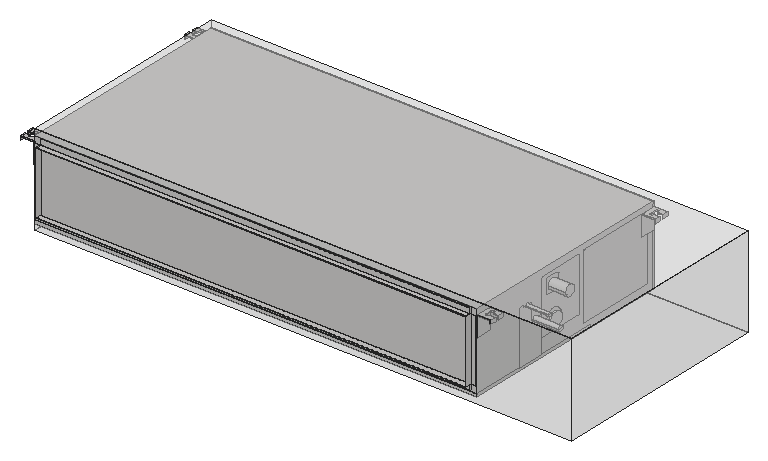
Revit family "outputfile", category 機械設備, Revit 2024
Family settings
  丸型コネクタ寸法 = 半径を使用
  パーツ タイプ = 標準
  OmniClass 番号 = 23.75.10.24.21.27.27
  OmniClass タイトル = Split System Air Conditioning Units
  作業面ベース = いいえ
  常に垂直 = はい
  ロード時にボイドで切り取り = いいえ
  注釈の向きを維持 = いいえ
  共有 = いいえ
  部屋計算ポイント = はい
Parameters (values of type "FPSQ80CV1")
  Description = ""
  書き出し IFC クラス(タイプ) = "IfcUnitaryEquipmentType"
  定義済み IFC タイプ(タイプ) = "AIRCONDITIONINGUNIT"
  Cost = 0
  Type Comments = ""
  Keynote = ""
  Type Image = (empty or 0)
  Assembly Code = ""
  w_RA Duct Size = if(Width = 1000.0 mm, 1000.0 mm, 1400.0 mm)  # 1400.0 mm
  r_HP/LP Gas Pipe Size = 4.75 mm
  lw_HP/LP Gas Pipe Size = 60.0 mm  # constant formula
  lh_HP/LP Gas Pipe Size = -103.0 mm
  ld_mountinghole = 24.0 mm  # constant formula
  ld_HP/LP Gas Pipe Size = 131.0 mm
  製造元 = "Daikin"
  モデル = "FPSQ80CV1"
  w_pipe = 33.0 mm
  r_Liquid Pipe Size = Liquid Pipe Size / 2  # 4.75 mm
  r_Gas Pipe Size = Gas Pipe Size / 2  # 7.95 mm
  r_Drain Pipe Size = Drain Pipe Size / 2  # 16.0 mm
  lw_powersupply = 49.5 mm
  lh_suctionflange [instance] = if(Rear Connection_Return Air, 125.0 mm + [h***], 190.0 mm + [h***])  # 125.0 mm
  ld_suctionflange [instance] = if(Rear Connection_Return Air, 190.0 mm, 126.5 mm)  # 190.0 mm
  ld_powersupply = 60.0 mm
  angle_vertical_RA [instance] = if(Rear Connection_Return Air, 90.00°, 0.00°)  # 90.00°
  angle horizontal_RA [instance] = if(Rear Connection_Return Air, 180.00°, 270.00°)  # 180.00°
  Voltage_comment_50Hz = "220 - 240"
  Voltage_50Hz = 230 V
  URL = ""
  Supply Air Direction [instance] = yes
  Sound Power Level_H speed (dB) = 0
  Rear Connection_Return Air [instance] = not(Bottom Connection_Return Air)  # yes
  RA_length = 190.0 mm  # constant formula
  Phase_50Hz = 1
  Minimum External Static Pressure = 50.00 Pa
  Minimum Circuit Amps_50Hz = 1.1 A
  Maximum Fuse Amps_50Hz = 16.0 A
  Maximum External Static Pressure = 100.00 Pa
  Material_Casing = DAIKIN_GalvanizedSteel_Casing_indoorunit
  lw_liquidpipe = 75.0 mm  # constant formula
  lw_gaspipe = 83.0 mm  # constant formula
  lw_mountinghole_pitch = Width + 45.0 mm  # 1445.0 mm
  lw_mountinghole = 20.0 mm  # constant formula
  lw_drainpipe = 58.0 mm  # constant formula
  lh_powersupply = 20.0 mm
  lh_liquidpipe = 175.0 mm
  lh_gaspipe = 124.0 mm
  lh_mountinghole = Height + [h***]  # 250.0 mm
  lh_drainpipe = 57.0 mm
  lh_antena = 1.0 mm  # constant formula
  ld_liquidpipe = 197.0 mm
  ld_gaspipe = 228.0 mm  # constant formula
  ld_mountinghole_pitch = 651.0 mm  # constant formula
  ld_drainpipe = 403.0 mm  # constant formula
  ld_controlbox = 626.0 mm  # constant formula
  h*** = 0.0 mm  # constant formula
  d_dischargeflange = 19.0 mm  # constant formula
  Width = 1400.0 mm
  Version = "ver.1.0"
  Unit Type = "Middle Static Ceiling Mounted Duct Type"
  Unit Mass Weight = 40.00 kg
  Unit Designation [instance] = ""
  Uniclass2015Version = "Products v1.30"
  Uniclass2015Title = "Variable refrigerant flow units"
  Uniclass2015Code = "Pr_70_65_03_94"
  Total Cooling Capacity [instance] = 0.000 kW
  Sound Pressure Level_M speed (dBA) = 32
  Sound Pressure Level_L speed (dBA) = 29
  Sound Pressure Level_H speed (dBA) = 35
  Series = "VRV HOME_Fan Coil Unit"
  Sensible Cooling Capacity [instance] = 0.000 kW
  SA Duct Size Width = 1360.0 mm
  SA Duct Size Height = 198.0 mm
  Refrigerant Type = "R410A"
  RA Duct Size Width = 1364.0 mm
  RA Duct Size Height [instance] = if(Rear Connection_Return Air, 214.0 mm, 217.0 mm)  # 214.0 mm
  Power Input (Cooling) = 0.194 kW
  Option Accessory 3 [instance] = ""
  Option Accessory 2 [instance] = ""
  Option Accessory 1 [instance] = ""
  Nominal Cooling Capacity = 9.000 kW
  Minimum Airflow = 930.00 m³/h
  Median Airflow = 1176.00 m³/h
  Maximum Airflow = 1428.00 m³/h
  Load Classification = HVAC
  Liquid Pipe Size = 9.5 mm
  Link_Nested Family [instance] = ""
  IfcVersion = ""
  IfcExportType = "AIRCONDITIONINGUNIT"
  IfcExportAs = "IfcUnitaryEquipmentType"
  Height = 250.0 mm
  Heat Exchanger Type = "Cross Fin Coil"
  Gas Pipe Size = 15.9 mm
  Frequency_50Hz = 50 Hz
  Fan Type = "Sirocco Fan"
  Fan Drive = "Direct Drive"
  FCU Tag No. [instance] = ""
  Drain Pipe Size = 32.0 mm
  Design Supply Airflow [instance] = 0.00 m³/h
  Design Return Airflow [instance] = 0.00 m³/h
  Design External Static Pressure [instance] = 0.00 Pa
  Depth = 700.0 mm
  既定の高さ = 0.0 mm
  Cooling Entering Wet Bulb Temperature [instance] = 0.00 °C
  Cooling Entering Dry Bulb Temperature [instance] = 0.00 °C
  Cooling Ambient Wet Bulb Temperature [instance] = 0.00 °C
  Cooling Ambient Dry Bulb Temperature [instance] = 0.00 °C
  Clearance visibility [instance] = yes
  Clearance Top = 20.0 mm
  Clearance Right = 300.0 mm
  Clearance Rear = 0.0 mm
  Clearance Left = 0.0 mm
  Clearance Front = 0.0 mm
  Clearance Bottom = 20.0 mm
  Bottom Connection_Return Air [instance] = no
Reference planes
  plane 1 "Center (Front/Back)": y = 0
  plane 2: z = 0
  plane 3 "Center (Left/Right)": x = 0
  plane 4 "Back": y = 350
  plane 5 "Front": y = -350
  plane 6 "Left": x = -700
  plane 7 "Right": x = 700
  plane 8 "Top": z = 0
  plane 9 "Bottom": z = -250
  plane 10: x = 325
  plane 11: x = -330
  plane 12: z = -230
  plane 13: z = -6
  plane 14: z = -72
  plane 15: z = -75
  plane 16: z = -126
  plane 17: x = -304
  plane 18: x = -722.5
  plane 19: x = 722.5
  plane 20: y = -326
  plane 21: y = 325
  plane 22: x = -742.5
  plane 23: x = 390
  plane 24: x = 775
  plane 25: x = 783
  plane 26: x = 758
  plane 27: z = 0
  plane 28 "Clearance Left": x = -700
  plane 29 "Clearance Right": x = 1000
  plane 30 "Clearance Rear": y = 350
  plane 31 "Clearance Front": y = -350
  plane 32 "Clearance Top": z = 20
  plane 33 "Clearance Bottom": z = -270
  plane 34: z = -14
  plane 35: z = -57
  plane 36: z = -146.5
  plane 37: x = 0
  plane 38: y = -122
  plane 39: y = -153
  plane 40: y = -30
  plane 41: y = -53
  plane 42: z = -119
  plane 43: y = -349
  plane 44: x = -699
  plane 45: z = -140
  plane 46: z = -80
  plane 47: y = 210
  plane 48: z = -249
  plane 49: y = 160
  plane 50: z = -151
  plane 51: x = 730
  plane 52: z = 11
  plane 53: z = 97.5
  plane 54: y = -219
Forms (mm)
  Extrusion 1, solid, material "DAIKIN_GalvanizedSteel_Casing_indoorunit" <- "Material_Casing"
    sketch origin (0, 0, 0) x (1, 0, 0) y (0, 1, 0)
      loop
        line (-700, -350) -> (700, -350) -> (700, 350) -> (-700, 350) -> (-700, -350)
    from -250 to 0
  Revolve 2, solid, material "DAIKIN_GalvanizedSteel_Casing_indoorunit" <- "Material_Casing"
    sketch origin (0, 0, -126) x (0, -1, 0) y (1, 0, 0)
      loop
        line (114.05, 700) -> (122, 700) -> (122, 783) -> (114.05, 783) -> (114.05, 700)
      axis (122, 700) -> (122, 783)
    angle from 0 to 360
  Revolve 3, solid, material "DAIKIN_GalvanizedSteel_Casing_indoorunit" <- "Material_Casing"
    sketch origin (0, 0, -75) x (0, -1, 0) y (1, 0, 0)
      loop
        line (153, 700) -> (153, 775) -> (148.25, 775) -> (148.25, 700) -> (153, 700)
      axis (153, 775) -> (153, 700)
    angle from 0 to 360
  Extrusion 4, solid, material "DAIKIN_GalvanizedSteel_Casing_indoorunit" <- "Material_Casing"
    sketch origin (700, 0, 33.75) x (0, 1, 0) y (0, 0, 1)
      loop
        circle (-53, -90.75) r 16
    from 0 to 58
  Extrusion 5, solid, material "DAIKIN_GalvanizedSteel_Casing_indoorunit" <- "Material_Casing"
    sketch origin (0, 0, 0) x (1, 0, 0) y (0, 0, 1)
      loop
        line (-700, -240) -> (-700, -250) -> (700, -250) -> (700, -240) -> (-700, -240)
    from -97 to 350
  Extrusion 6, solid, material "DAIKIN_GalvanizedSteel_Casing_indoorunit" <- "Material_Casing"
    sketch origin (700, 0, 0) x (0, 1, 0) y (0, 0, 1)
      loop
        circle (-49.014, -158.014) r 22.5
    from 11.3 to 0
  Extrusion 7, solid, material "DAIKIN_GalvanizedSteel_Casing_indoorunit" <- "Material_Casing"
    sketch origin (700, 0, 0) x (0, 1, 0) y (0, 0, 1)
      loop
        circle (-49.014, -158.014) r 30
    from 0 to 3
  Extrusion 8, solid, material "DAIKIN_GalvanizedSteel_Casing_indoorunit" <- "Material_Casing"
    sketch origin (700, 0, 0) x (0, 1, 0) y (0, 0, 1)
      loop
        arc (-94.014, -189.014) -> (-93.135, -191.135) -> (-91.014, -192.014) r 3
        line (-91.014, -192.014) -> (49.986, -192.014)
        arc (49.986, -192.014) -> (52.108, -191.135) -> (52.986, -189.014) r 3
        line (52.986, -189.014) -> (52.986, -25.014)
        arc (52.986, -25.014) -> (52.108, -22.892) -> (49.986, -22.014) r 3
        line (49.986, -22.014) -> (-91.014, -22.014)
        arc (-91.014, -22.014) -> (-93.135, -22.892) -> (-94.014, -25.014) r 3
        line (-94.014, -25.014) -> (-94.014, -189.014)
      loop
        line (-78.486, -40.478) -> (-78.486, -73.478)
        arc (-78.486, -73.478) -> (-75.855, -79.845) -> (-69.494, -82.486) r 9
        line (-69.494, -82.486) -> (-36.492, -82.486)
        arc (-36.492, -82.486) -> (-30.134, -79.848) -> (-27.486, -73.494) r 9.023
        line (-27.486, -73.494) -> (-27.486, -40.478)
        arc (-27.486, -40.478) -> (-30.122, -34.122) -> (-36.478, -31.486) r 9
        line (-36.478, -31.486) -> (-69.494, -31.486)
        arc (-69.494, -31.486) -> (-75.85, -34.122) -> (-78.486, -40.478) r 9
    from 0 to 1
  Extrusion 9, solid, material "DAIKIN_GalvanizedSteel_Casing_indoorunit" <- "Material_Casing"
    sketch origin (700, 0, 0) x (0, 1, 0) y (0, 0, 1)
      loop
        line (72.008, -16.198) -> (72.008, -225) -> (324.002, -225) -> (324.002, -83.198) -> (299.002, -83.198) -> (299.002, -16.198) -> (72.008, -16.198)
    from 0 to 1
  Extrusion 10, solid, material "DAIKIN_GalvanizedSteel_Casing_indoorunit"
    sketch origin (700, 0, 0) x (0, 1, 0) y (0, 0, 1)
      loop
        line (-96.045, -240) -> (-96.045, -126.163) -> (-136.045, -126.163) -> (-136.045, -75.163) -> (-166.999, -75.163) -> (-166.999, -70.163) -> (-181.045, -70.163) -> (-181.045, -240) -> (-96.045, -240)
    from 0 to 1
Dimensions and locks
  "lh_powersupply": plane 12 to plane 9 "Bottom"
  locked: plane 8 "Top" to plane 13 at 6
  "Height": plane 8 "Top" to plane 9 "Bottom"
  locked: plane 17 to plane 3 "Center (Left/Right)" at 304
  equal spacing: plane 18, plane 3 "Center (Left/Right)", plane 19
  "lw_mountinghole_pitch": plane 18 to plane 19
  locked: plane 14 to plane 9 "Bottom" at 178
  "lw_mountinghole": plane 22 to plane 18
  "lh_liquidpipe": plane 15 to plane 9 "Bottom"
  "lh_gaspipe": plane 16 to plane 9 "Bottom"
  "lh_mountinghole": plane 27 to plane 9 "Bottom"
  "ld_mountinghole_pitch": plane 21 to plane 20
  equal spacing: plane 6 "Left", plane 3 "Center (Left/Right)", plane 7 "Right"
  "Width": plane 6 "Left" to plane 7 "Right"
  "Clearance Right": plane 7 "Right" to plane 29 "Clearance Right"
  "Clearance Left": plane 28 "Clearance Left" to plane 6 "Left"
  "lw_gaspipe": plane 7 "Right" to plane 25
  "lw_liquidpipe": plane 7 "Right" to plane 24
  "lw_drainpipe": plane 7 "Right" to plane 26
  "Clearance Rear": plane 30 "Clearance Rear" to plane 4 "Back"
  "Clearance Front": plane 5 "Front" to plane 31 "Clearance Front"
  "Clearance Top": plane 32 "Clearance Top" to plane 8 "Top"
  "Clearance Bottom": plane 9 "Bottom" to plane 33 "Clearance Bottom"
  plane 8 "Top" to plane 34 = 14.0 mm
  "lh_drainpipe": plane 8 "Top" to plane 35
  locked: plane 36 to plane 9 "Bottom" at 103.5
  locked: plane 34 to plane 42 at 105
  "Depth": plane 4 "Back" to plane 5 "Front"
  equal spacing: plane 4 "Back", plane 1 "Center (Front/Back)", plane 5 "Front"
  locked: plane 43 to plane 5 "Front" at 1
  locked: plane 44 to plane 6 "Left" at 1
  locked: plane 12 to plane 45 at 90
  plane 47 to nested 13 = 122.0 mm
  locked: plane 48 to plane 9 "Bottom" at 1
  "ld_suctionflange": plane 4 "Back" to plane 49
  locked: plane 50 to plane 9 "Bottom" at 99
  locked: plane 51 to plane 7 "Right" at 30
  "r_Gas Pipe Size": Revolve 2 sketch curve to Revolve 2 sketch curve
  "ld_gaspipe": plane 38 to plane 5 "Front"
  "r_Liquid Pipe Size": Revolve 3 sketch curve to plane 39
  "ld_liquidpipe": plane 39 to plane 5 "Front"
  "ld_drainpipe": plane 4 "Back" to plane 41
  "ld_HP/LP Gas Pipe Size": plane 54 to plane 5 "Front"
  plane 8 "Top" to plane 15 = 75.0 mm
  "ld_mountinghole": plane 20 to plane 5 "Front"
  locked: plane 8 "Top" to nested 16 at 20
  equal spacing: plane 6 "Left", plane 37, plane 7 "Right"
  "ld_gaspipe": plane 5 "Front" to Revolve 2 sketch curve
  locked: plane 46 to plane 9 "Bottom" at 170
  "r_Drain Pipe Size": radius of Extrusion 4 sketch curve
  aligned and locked: level to plane 2
  aligned and locked: Extrusion 1 to plane 9 "Bottom"
  aligned and locked: plane 8 "Top" to Extrusion 1
  aligned and locked: Revolve 2 sketch curve to Revolve 2 sketch curve
  aligned and locked: nested 6 to plane 24
  aligned and locked: nested 6 to plane 15
  aligned and locked: nested 2 to plane 21
  aligned and locked: plane 19 to nested 2
  aligned and locked: plane 19 to nested 3
  aligned and locked: plane 18 to nested 4
  aligned and locked: plane 21 to nested 5
  aligned and locked: nested 5 to plane 21
  aligned and locked: plane 18 to nested 5
  aligned and locked: Extrusion 5 to plane 5 "Front"
  aligned and locked: Extrusion 5 to plane 9 "Bottom"
  aligned and locked: nested 7 to plane 16
  aligned and locked: plane 38 to nested 7
  aligned and locked: plane 39 to nested 6
  aligned and locked: Extrusion 4 sketch curve to plane 41
  aligned and locked: plane 4 "Back" to nested 12
  aligned and locked: plane 29 "Clearance Right" to nested 14
  aligned and locked: plane 28 "Clearance Left" to nested 14
  aligned and locked: nested 14 to plane 31 "Clearance Front"
  aligned and locked: nested 14 to plane 32 "Clearance Top"
  aligned and locked: nested 14 to plane 33 "Clearance Bottom"
  aligned and locked: nested 8 to plane 35
  aligned and locked: nested 10 to plane 1 "Center (Front/Back)"
  aligned and locked: plane 3 "Center (Left/Right)" to nested 10
  aligned and locked: plane 42 to nested 9
  aligned and locked: level to plane 8 "Top"
  aligned and locked: plane 3 "Center (Left/Right)" to nested 1
  aligned and locked: Extrusion 1 sketch curve to plane 5 "Front"
  aligned and locked: plane 3 "Center (Left/Right)" to nested 16
  aligned and locked: plane 5 "Front" to nested 16
  aligned and locked: nested 9 to plane 5 "Front"
  aligned and locked: plane 39 to Revolve 3 sketch curve  (x2)
  aligned and locked: plane 7 "Right" to nested 7
  aligned and locked: plane 7 "Right" to nested 8
  aligned and locked: plane 41 to nested 8
  aligned and locked: plane 1 "Center (Front/Back)" to nested 1
  aligned and locked: nested 4 to plane 20
  aligned and locked: nested 3 to plane 20
  aligned and locked: plane 37 to nested 15
  aligned and locked: nested 15 to plane 49
  aligned and locked: plane 7 "Right" to Revolve 3 sketch curve
  aligned and locked: plane 7 "Right" to Revolve 2 sketch curve
  aligned and locked: Revolve 2 sketch curve to nested 7
  aligned and locked: plane 8 "Top" to nested 12
  aligned and locked: plane 3 "Center (Left/Right)" to nested 12
  aligned and locked: plane 3 "Center (Left/Right)" to nested 13
  aligned and locked: plane 9 "Bottom" to nested 13
  aligned and locked: plane 30 "Clearance Rear" to nested 14
  aligned and locked: plane 4 "Back" to nested 13
  aligned and locked: plane 7 "Right" to nested 11
  aligned and locked: plane 26 to Extrusion 4
Automatic sketch dimensions
  Extrusion 1 sketch curve to plane 4 "Back" = 0.0 mm
  Extrusion 1 sketch curve to plane 6 "Left" = 0.0 mm
  Extrusion 1 sketch curve to plane 7 "Right" = 0.0 mm
  Revolve 2 sketch curve to plane 37 = 57.997 mm
  plane 24 to Revolve 2 sketch curve = 1.003 mm
  Revolve 3 sketch curve to plane 24 = 0.0 mm  (x2)
  Revolve 3 sketch curve to Revolve 3 sketch curve = 1.0 mm
  Extrusion 5 sketch curve to plane 6 "Left" = 0.0 mm
  Extrusion 5 sketch curve to plane 7 "Right" = 0.0 mm
  Extrusion 5 sketch curve to plane 9 "Bottom" = 0.0 mm
  Extrusion 5 sketch curve to plane 12 = 10.0 mm
  plane 35 to Extrusion 4 sketch curve = 0.0 mm
  plane 38 to Extrusion 6 sketch curve = 72.986 mm
  plane 12 to Extrusion 6 sketch curve = 71.986 mm
  plane 41 to Extrusion 7 sketch curve = 3.986 mm
  Extrusion 7 sketch curve to plane 50 = 7.014 mm
  plane 38 to Extrusion 8 sketch curve = 27.986 mm
  Extrusion 8 sketch curve to Extrusion 8 sketch curve = 3.0 mm  (x3)
  Extrusion 8 sketch curve to plane 14 = 1.478 mm
  Extrusion 8 sketch curve to plane 41 = 25.486 mm
  Extrusion 8 sketch curve to plane 46 = 2.486 mm
  Extrusion 8 sketch curve to Extrusion 8 sketch curve = 8.992 mm  (x2)
  Extrusion 8 sketch curve to plane 14 = 1.486 mm
  Extrusion 8 sketch curve to Extrusion 8 sketch curve = 9.0 mm
  Extrusion 8 sketch curve to plane 14 = 1.463 mm
  Extrusion 8 sketch curve to plane 40 = 6.509 mm
  Extrusion 8 sketch curve to plane 40 = 6.492 mm
  Extrusion 8 sketch curve to plane 40 = 6.486 mm
  Extrusion 8 sketch curve to plane 40 = 6.478 mm
  Extrusion 8 sketch curve to plane 14 = 1.494 mm
  Extrusion 8 sketch curve to plane 34 = 8.014 mm
  Extrusion 8 sketch curve to plane 1 "Center (Front/Back)" = 49.986 mm  (x2)
  Extrusion 8 sketch curve to plane 50 = 38.014 mm
  plane 35 to Extrusion 8 sketch curve = 16.514 mm
  Extrusion 8 sketch curve to Extrusion 8 sketch curve = 32.977 mm
  Extrusion 8 sketch curve to Extrusion 8 sketch curve = 0.008 mm
  Extrusion 9 sketch curve to plane 34 = 2.198 mm
  Extrusion 9 sketch curve to plane 1 "Center (Front/Back)" = 72.008 mm
  Extrusion 9 sketch curve to plane 46 = 3.198 mm
  Extrusion 9 sketch curve to plane 21 = 25.998 mm
  Extrusion 9 sketch curve to plane 21 = 0.998 mm  (x2)
  plane 12 to Extrusion 9 sketch curve = 5.0 mm
  plane 48 to Extrusion 10 sketch curve = 9.0 mm
  Extrusion 10 sketch curve to plane 39 = 28.045 mm
  Extrusion 10 sketch curve to plane 15 = 0.163 mm
  Extrusion 10 sketch curve to plane 39 = 13.999 mm
  Extrusion 10 sketch curve to plane 16 = 0.163 mm
  Extrusion 10 sketch curve to plane 38 = 14.045 mm
  plane 38 to Extrusion 10 sketch curve = 25.955 mm
  plane 14 to Extrusion 10 sketch curve = 1.837 mm
  radius of Extrusion 6 sketch curve = 22.5 mm
  radius of Extrusion 7 sketch curve = 30.0 mm
Nested families
  nested 1: "daikin_hangerfixture_FPSQ-CV1" at (0, 0, -15.5), type "daikin_hangerfixture_FPSQ-CV1"
    with width 1400.0 mm
  nested 2: "daikin_mountinghole" at (722.5, 325, -265.5), l_antenna <- "lh_antena", Link_Nested Family <- "Link_Nested Family", h_mountinghole <- "lh_mountinghole", type "daikin_mountinghole"
    with show yes, l_antenna 1.0 mm, h_mountinghole 250.0 mm, Link_Nested Family ""
  nested 3: "daikin_mountinghole" at (722.5, -326, -265.5), Link_Nested Family <- "Link_Nested Family", l_antenna <- "lh_antena", h_mountinghole <- "lh_mountinghole", type "daikin_mountinghole"
    with show yes, l_antenna 1.0 mm, h_mountinghole 250.0 mm, Link_Nested Family ""
  nested 4: "daikin_mountinghole" at (-722.5, -326, -265.5), l_antenna <- "lh_antena", Link_Nested Family <- "Link_Nested Family", h_mountinghole <- "lh_mountinghole", type "daikin_mountinghole"
    with show yes, l_antenna 1.0 mm, h_mountinghole 250.0 mm, Link_Nested Family ""
  nested 5: "daikin_mountinghole" at (-722.5, 325, -265.5), l_antenna <- "lh_antena", Link_Nested Family <- "Link_Nested Family", h_mountinghole <- "lh_mountinghole", type "daikin_mountinghole"
    with show yes, l_antenna 1.0 mm, h_mountinghole 250.0 mm, Link_Nested Family ""
  nested 6: "daikin_connector_rotate2" at (700, -153, -75) x (0, 1, 0) z (0, 0, 1), length <- "lw_liquidpipe", built-in parameter 1001364 <- "lh_liquidpipe", radius <- "r_Liquid Pipe Size", type "daikin_connector_rotate2"
    with radius 4.75 mm, length 75.0 mm, angle_vertical 90.00°
  nested 7: "daikin_connector_rotate2" at (700, -122, -126) x (0, 1, 0) z (0, 0, 1), length <- "lw_gaspipe", built-in parameter 1001364 <- "lh_gaspipe", radius <- "r_Gas Pipe Size", type "daikin_connector_rotate2"
    with radius 7.95 mm, length 83.0 mm, angle_vertical 90.00°
  nested 8: "daikin_connector_rotate2" at (700, -53, -57) x (0, 1, 0) z (0, 0, 1), built-in parameter 1001364 <- "lh_drainpipe", radius <- "r_Drain Pipe Size", length <- "lw_drainpipe", type "daikin_connector_rotate2"
    with radius 16.0 mm, length 58.0 mm, angle_vertical 90.00°
  nested 9: "daikin_connector_rotate2" at (0, -350, -119), length <- "d_dischargeflange", type "daikin_connector_rotate2"
    with radius 10.0 mm, length 19.0 mm, angle_vertical 90.00°
  nested 10: "daikin_△_symbolicline" at (-75, -129.904, 250) x (-0.5, 0.866, 0) z (0, 0, 1), built-in parameter 1001364 <- "Height", visible <- "Supply Air Direction", type "daikin_△_symbolicline"
    with length 300.0 mm
  nested 11: "daikin_connector_rotate2" at (640, 273.008, -220) x (0, 1, 0) z (0, 0, 1), type "daikin_connector_rotate2"
    with radius 10.0 mm, length 60.0 mm, angle_vertical 90.00°
  nested 12: "daikin_ductflange_FPSQ-CV1_2" at (0, 350, -125), material <- "Material_Casing", visible <- "Rear Connection_Return Air", width <- "w_RA Duct Size", type "daikin_ductflange_FPSQ-CV1_2"
    with width 1400.0 mm, material DAIKIN_GalvanizedSteel_Casing_indoorunit, height 214.0 mm, depth 21.2 mm
  nested 13: "daikin_ductflange_FPSQ-CV1_2" at (0, 225, -250) x (1, 0, 0) z (0, 1, 0), material <- "Material_Casing", visible <- "Bottom Connection_Return Air", width <- "w_RA Duct Size", height <- "RA Duct Size Height", type "daikin_ductflange_FPSQ-CV1_2"
    with width 1400.0 mm, material DAIKIN_GalvanizedSteel_Casing_indoorunit, height 214.0 mm, depth 21.0 mm
  nested 14: "daikin_clearancespace" at (150, 0, -124.881), visible <- "Clearance visibility", show <- "Clearance visibility", Link_Nested Family <- "Link_Nested Family", type "daikin_clearancespace"
    with width 1700.0 mm, show yes, height 290.0 mm, depth 700.0 mm, Link_Nested Family ""
  nested 15: "daikin_connector_rotate3" at (0, 160, -125), built-in parameter 1001364 <- "lh_suctionflange", angle_vertical <- "angle_vertical_RA", angle_horizontal <- "angle horizontal_RA", length <- "RA_length", type "daikin_connector_rotate3"
    with show no, radius 10.0 mm, length 190.0 mm, angle_vertical 90.00°, angle_horizontal 180.00°
  nested 16: "daikin_ductflange_FPSQ-CV1_1" at (0, -36.5, -408.201), width <- "SA Duct Size Width", type "daikin_ductflange_FPSQ-CV1_1"
    with width 1360.0 mm, material DAIKIN_GalvanizedSteel_Casing_indoorunit, height 200.0 mm, depth 19.0 mm
Connectors
  piping at (783, -122, -126), diameter 15.9, driven by "r_Gas Pipe Size"
    settings: on nested 7, index 1, connector inside diameter 609.6 mm, connector length 0.0 mm, flow factor 0, pipe flow 0.00 m³/h, pressure drop 0.0 Pa, fitting loss kfactor 0, connector angle 0.00°, fixture units 0, engagement length 0.0 mm, angle of deflection 0.00°, flow configuration 1, flow direction 2, fitting loss method 0, system type 29, joint type 0, gender type 0, connector reference index -1, connector utility 0, adjustable connector no, is connector primary yes, connector description "Refrigerant Gas Piping"
  piping at (775, -153, -75), diameter 9.5, driven by "r_Liquid Pipe Size"
    settings: on nested 6, index 2, connector inside diameter 609.6 mm, connector length 0.0 mm, flow factor 0, pipe flow 0.00 m³/h, pressure drop 0.0 Pa, fitting loss kfactor 0, connector angle 0.00°, fixture units 0, engagement length 0.0 mm, angle of deflection 0.00°, flow configuration 1, flow direction 1, fitting loss method 0, system type 29, joint type 0, gender type 0, connector reference index -1, connector utility 0, adjustable connector no, is connector primary no, connector description "Refrigerant Liquid Piping"
  piping at (758, -53, -57), diameter 32, driven by "r_Drain Pipe Size"
    settings: on nested 8, index 3, connector inside diameter 609.6 mm, connector length 0.0 mm, flow factor 0, pipe flow 0.00 m³/h, pressure drop 0.0 Pa, fitting loss kfactor 0, connector angle 0.00°, fixture units 0, engagement length 0.0 mm, angle of deflection 0.00°, flow configuration 1, flow direction 2, fitting loss method 4, system type 16, joint type 0, gender type 0, connector reference index -1, connector utility 0, adjustable connector no, is connector primary no, connector description "Condensate Drain Piping"
  electrical at (700, 273.008, -220), driven by "Load Classification"
    settings: on nested 11, index 9, voltage 0 V, apparent load 0 VA, apparent load phase1 0 VA, apparent load phase2 0 VA, apparent load phase3 0 VA, power factor 1, load classification "HVAC", number of poles 1, system type 30, power factor state 1, is connector primary yes, connector utility no, sub classification motor no, connector description "Power Supply"
  hvac at (0, -369, -119), driven by "SA Duct Size Height", driven by "SA Duct Size Width"
    settings: on nested 9, index 11, duct flow 0.00 m³/h, flow factor 0, pres drop 0.00 Pa, loss coef 0, conn angle 0.00°, conn width 1360.0 mm, conn height 198.0 mm, conn diameter 609.6 mm, duct sys type 1, conn prof type 1, flow config 0, flow direction 2, loss method 4, conn ref index -1, conn util no, is conn primary yes, conn desc "SA Duct"
  hvac at (0, 350, -125), driven by "RA Duct Size Height", driven by "RA Duct Size Width"
    settings: on nested 15, index 12, duct flow 0.00 m³/h, flow factor 0, pres drop 0.00 Pa, loss coef 0, conn angle 0.00°, conn width 1364.0 mm, conn height 214.0 mm, conn diameter 609.6 mm, duct sys type 2, conn prof type 1, flow config 0, flow direction 1, loss method 4, conn ref index -1, conn util no, is conn primary no, conn desc "RA Duct"
  piping at (783, -122, -126), diameter 15.9, driven by "r_Gas Pipe Size"
    settings: on nested 7, index 13, connector inside diameter 609.6 mm, connector length 0.0 mm, flow factor 0, pipe flow 0.00 m³/h, pressure drop 0.0 Pa, fitting loss kfactor 0, connector angle 0.00°, fixture units 0, engagement length 0.0 mm, angle of deflection 0.00°, flow configuration 1, flow direction 2, fitting loss method 0, system type 29, joint type 0, gender type 0, connector reference index -1, connector utility 0, adjustable connector no, is connector primary no, connector description "Refrigerant Gas Piping"
Definition of nested family "daikin_hangerfixture_FPSQ-CV1"
  Parameters (values of type "daikin_hangerfixture_FPSQ-CV1")
    width = 1000.0 mm
    material = none
    height = 65.0 mm
    depth = 699.0 mm
    Default Elevation = 0.0 mm
  Reference planes
    plane 1 "Center (Front/Back)": y = 0
    plane 2: z = 0
    plane 3 "Center (Left/Right)": x = 0
    plane 4: x = 500
    plane 5: y = 349
    plane 6: y = -350
    plane 7: x = -500
  Forms (mm)
    Extrusion 1, solid, material <- "material"
      sketch origin (0, 0, 0) x (-1, 0, 0) y (0, 0, -1)
        loop
          line (500, 0) -> (545, 0) -> (545, 11.998) -> (542.7, 11.998) -> (542.7, 2.298) -> (502.108, 2.298) -> (502.108, 64.997) -> (500, 64.997) -> (500, 0)
      from -349 to 350
    Extrusion 2, void
      sketch origin (0, 0, 0) x (1, 0, 0) y (0, 1, 0)
        loop
          line (-545, 301) -> (-545, -302) -> (-500, -302) -> (-500, 301) -> (-545, 301)
        loop
          line (-545, -319.499) -> (-545, -332.501) -> (-529.997, -332.501)
          arc (-529.997, -332.501) -> (-529.291, -332.793) -> (-528.998, -333.5) r 0.998
          line (-528.998, -333.5) -> (-528.998, -335)
          arc (-528.998, -335) -> (-522.999, -340.999) -> (-517, -335) r 5.999
          line (-517, -335) -> (-517, -317)
          arc (-517, -317) -> (-522.999, -311.001) -> (-528.998, -317) r 5.999
          line (-528.998, -317) -> (-528.998, -318.5)
          arc (-528.998, -318.5) -> (-529.291, -319.207) -> (-529.997, -319.499) r 0.998
          line (-529.997, -319.499) -> (-545, -319.499)
        loop
          line (-545, 331.502) -> (-545, 318.5) -> (-529.997, 318.5)
          arc (-529.997, 318.5) -> (-529.291, 318.208) -> (-528.998, 317.501) r 0.998
          line (-528.998, 317.501) -> (-528.998, 316.001)
          arc (-528.998, 316.001) -> (-522.999, 310.002) -> (-517, 316.001) r 5.999
          line (-517, 316.001) -> (-517, 334.001)
          arc (-517, 334.001) -> (-522.999, 340) -> (-528.998, 334.001) r 5.999
          line (-528.998, 334.001) -> (-528.998, 332.5)
          arc (-528.998, 332.5) -> (-529.291, 331.794) -> (-529.997, 331.502) r 0.998
          line (-529.997, 331.502) -> (-545, 331.502)
      from 0 to -80
    Extrusion 3, solid, material <- "material"
      sketch origin (0, 0, 0) x (1, 0, 0) y (0, 0, 1)
        loop
          line (500, 0) -> (500, -64.997) -> (502.108, -64.997) -> (502.108, -2.298) -> (542.7, -2.298) -> (542.7, -11.998) -> (545, -11.998) -> (545, 0) -> (500, 0)
      from -349 to 350
    Extrusion 4, void
      sketch origin (0, 0, 0) x (-1, 0, 0) y (0, -1, 0)
        loop
          line (-545, -301) -> (-500, -301) -> (-500, 302) -> (-545, 302) -> (-545, -301)
        loop
          line (-517, 317) -> (-517, 335)
          arc (-517, 335) -> (-522.999, 340.999) -> (-528.998, 335) r 5.999
          line (-528.998, 335) -> (-528.998, 333.5)
          arc (-528.998, 333.5) -> (-529.291, 332.793) -> (-529.997, 332.501) r 0.998
          line (-529.997, 332.501) -> (-545, 332.501) -> (-545, 319.499) -> (-529.997, 319.499)
          arc (-529.997, 319.499) -> (-529.291, 319.207) -> (-528.998, 318.5) r 0.998
          line (-528.998, 318.5) -> (-528.998, 317)
          arc (-528.998, 317) -> (-522.999, 311.001) -> (-517, 317) r 5.999
        loop
          line (-545, -331.502) -> (-529.997, -331.502)
          arc (-529.997, -331.502) -> (-529.291, -331.794) -> (-528.998, -332.5) r 0.998
          line (-528.998, -332.5) -> (-528.998, -334.001)
          arc (-528.998, -334.001) -> (-522.999, -340) -> (-517, -334.001) r 5.999
          line (-517, -334.001) -> (-517, -316.001)
          arc (-517, -316.001) -> (-522.999, -310.002) -> (-528.998, -316.001) r 5.999
          line (-528.998, -316.001) -> (-528.998, -317.501)
          arc (-528.998, -317.501) -> (-529.291, -318.208) -> (-529.997, -318.5) r 0.998
          line (-529.997, -318.5) -> (-545, -318.5) -> (-545, -331.502)
      from 0 to -80
  Cuts and joins
    Extrusion 2, Extrusion 4 cuts Extrusion 1
    Extrusion 4 cuts Extrusion 3
  Dimensions and locks
    plane 5 to plane 1 "Center (Front/Back)" to plane 6 = 349.0 mm, 350.0 mm
    "depth": plane 5 to plane 6
    plane 6 to plane 1 "Center (Front/Back)" to plane 5 = 350.0 mm, 349.0 mm
    equal spacing: plane 7, plane 3 "Center (Left/Right)", plane 4
    "width": plane 7 to plane 4
    plane 7 to Extrusion 1 sketch curve = 2.108 mm
    level to Extrusion 1 sketch curve = 11.998 mm
    plane 7 to Extrusion 1 sketch curve = 45.0 mm
    Extrusion 1 sketch curve to Extrusion 1 sketch curve = 2.3 mm
    plane 2 to Extrusion 1 sketch curve = 64.997 mm
    Extrusion 3 sketch curve to Extrusion 3 sketch curve = 2.3 mm
    aligned and locked: level to plane 2
    aligned and locked: Extrusion 1 sketch curve to plane 7
    aligned and locked: plane 2 to Extrusion 1 sketch curve
    aligned and locked: plane 5 to Extrusion 1
    aligned and locked: plane 6 to Extrusion 1
  Automatic sketch dimensions
    Extrusion 1 sketch curve to level = 2.298 mm
    Extrusion 2 sketch curve to plane 7 = 0.0 mm
    Extrusion 2 sketch curve to plane 7 = 17.0 mm  (x2)
    Extrusion 2 sketch curve to Extrusion 2 sketch curve = 5.999 mm  (x4)
    Extrusion 2 sketch curve to Extrusion 2 sketch curve = 0.998 mm  (x4)
    Extrusion 2 sketch curve to Extrusion 2 sketch curve = 15.003 mm  (x2)
    Extrusion 2 sketch curve to Extrusion 2 sketch curve = 0.0 mm
    plane 6 to Extrusion 2 sketch curve = 15.0 mm
    Extrusion 2 sketch curve to Extrusion 2 sketch curve = 1.5 mm  (x4)
    Extrusion 2 sketch curve to Extrusion 2 sketch curve = 13.002 mm  (x2)
    Extrusion 2 sketch curve to Extrusion 2 sketch curve = 15.0 mm
    Extrusion 2 sketch curve to plane 5 = 48.0 mm
    Extrusion 2 sketch curve to Extrusion 2 sketch curve = 15.001 mm
    Extrusion 3 sketch curve to level = 0.0 mm
    Extrusion 3 sketch curve to plane 4 = 0.0 mm
    plane 4 to Extrusion 3 sketch curve = 2.108 mm
    Extrusion 3 sketch curve to level = 2.298 mm
    Extrusion 3 sketch curve to Extrusion 3 sketch curve = 40.592 mm
    Extrusion 3 sketch curve to Extrusion 3 sketch curve = 9.7 mm
    Extrusion 3 sketch curve to Extrusion 3 sketch curve = 62.7 mm
    Extrusion 4 sketch curve to plane 4 = 0.0 mm
    plane 4 to Extrusion 4 sketch curve = 17.0 mm  (x2)
    Extrusion 4 sketch curve to Extrusion 4 sketch curve = 5.999 mm  (x3)
    Extrusion 4 sketch curve to Extrusion 4 sketch curve = 0.998 mm  (x4)
    Extrusion 4 sketch curve to Extrusion 4 sketch curve = 15.003 mm  (x2)
    Extrusion 4 sketch curve to plane 5 = 14.999 mm
    Extrusion 4 sketch curve to Extrusion 4 sketch curve = 1.5 mm  (x4)
    Extrusion 4 sketch curve to Extrusion 4 sketch curve = 13.002 mm  (x2)
    Extrusion 4 sketch curve to Extrusion 4 sketch curve = 17.5 mm
    plane 6 to Extrusion 4 sketch curve = 48.0 mm
    Extrusion 4 sketch curve to Extrusion 4 sketch curve = 0.0 mm
    Extrusion 4 sketch curve to Extrusion 4 sketch curve = 12.997 mm
    Extrusion 4 sketch curve to Extrusion 4 sketch curve = 15.0 mm
Definition of nested family "daikin_ductflange_FPSQ-CV1_2"
  Parameters (values of type "daikin_ductflange_FPSQ-CV1_2")
    width [instance] = 620.0 mm
    material [instance] = none
    height [instance] = 214.0 mm
    depth [instance] = 21.2 mm
    Default Elevation = 0.0 mm
  Reference planes
    plane 1 "Center (Front/Back)": y = 0
    plane 2: z = 0
    plane 3 "Center (Left/Right)": x = 0
    plane 4: y = -313.5
    plane 5: y = -334.7
    plane 6: x = -310
    plane 7: x = 310
    plane 8: z = 107
    plane 9: z = -107
    plane 10: z = 125
    plane 11: z = -125
    plane 12: x = -309
    plane 13: x = 309
  Forms (mm)
    Extrusion 1, solid, material <- "material"
      sketch origin (0, 0, 0) x (1, 0, 0) y (0, 0, 1)
        loop
          line (-292, 107) -> (-292, -107) -> (292, -107) -> (292, 107) -> (-292, 107)
        loop
          line (-310, -125) -> (310, -125) -> (310, 125) -> (-310, 125) -> (-310, -125)
      from 0 to 1
  Dimensions and locks
    plane 4 to plane 1 "Center (Front/Back)" = 313.5 mm
    "depth": plane 5 to plane 4
    equal spacing: plane 7, plane 3 "Center (Left/Right)", plane 6, locked at 310 each
    "width": plane 7 to plane 6
    equal spacing: plane 8, level, plane 9
    "height": plane 8 to plane 9
    plane 12 to plane 6 = 1.0 mm
    locked: plane 7 to plane 13 at 1
    locked: Extrusion 1 sketch curve to plane 6 at 18
    locked: plane 7 to Extrusion 1 sketch curve at 18
    locked: plane 10 to plane 8 at 18
    locked: plane 9 to plane 11 at 18
    aligned and locked: level to plane 2
    aligned and locked: plane 8 to Extrusion 1
    aligned and locked: plane 9 to Extrusion 1
    aligned and locked: Extrusion 1 sketch curve to plane 10
    aligned and locked: plane 6 to Extrusion 1 sketch curve
    aligned and locked: plane 7 to Extrusion 1 sketch curve
    aligned and locked: Extrusion 1 sketch curve to plane 11
    aligned and locked: plane 9 to Extrusion 1 sketch curve
    aligned and locked: Extrusion 1 sketch curve to plane 8
Definition of nested family "daikin_clearancespace"
  Parameters (values of type "daikin_clearancespace")
    Description = "daikin_clearancespace"
    width [instance] = 1823.963 mm
    show [instance] = yes
    material = none
    height [instance] = 1359.762 mm
    depth [instance] = 880.0 mm
    Default Elevation = 0.0 mm
    Link_Nested Family [instance] = ""
  Reference planes
    plane 1 "Center (Front/Back)": y = 0
    plane 2 "Center (Elevation)": z = -0.119
    plane 3 "Center (Left/Right)": x = 0
    plane 4: y = 440
    plane 5: y = -440
    plane 6 "Right": x = 911.982
    plane 7 "Left": x = -911.982
    plane 8 "Top": z = 679.762
    plane 9 "Bottom": z = -680
  Forms (mm)
    Extrusion 1, solid, material <- "material", visible <- "show"
      sketch origin (0, 0, 0) x (1, 0, 0) y (0, 1, 0)
        loop
          line (-911.982, 440) -> (-911.982, -440) -> (911.982, -440) -> (911.982, 440) -> (-911.982, 440)
      from -680 to 679.762
  Lines and regions (mm)
    symbolic lines, visible <- "show"
      curve 1: line (911.982, 440, 0) -> (-911.982, 440, 0)
      curve 2: line (-911.982, 440, 0) -> (-911.982, -440, 0)
      curve 3: line (-911.982, -440, 0) -> (911.982, -440, 0)
      curve 4: line (911.982, -440, 0) -> (911.982, 440, 0)
      curve 5: line (911.982, 0, 679.762) -> (-911.982, 0, 679.762)
      curve 6: line (911.982, 0, -680) -> (911.982, 0, 679.762)
      curve 7: line (-911.982, 0, -680) -> (911.982, 0, -680)
      curve 8: line (-911.982, 0, 679.762) -> (-911.982, 0, -680)
      curve 9: line (0, 440, 679.762) -> (0, -440, 679.762)
      curve 10: line (0, -440, 679.762) -> (0, -440, -680)
      curve 11: line (0, 440, -680) -> (0, 440, 679.762)
      curve 12: line (0, -440, -680) -> (0, 440, -680)
  Dimensions and locks
    "width": plane 7 "Left" to plane 6 "Right"
    "depth": plane 4 to plane 5
    "height": plane 8 "Top" to plane 9 "Bottom"
    equal spacing: plane 7 "Left", plane 3 "Center (Left/Right)", plane 6 "Right"
    equal spacing: plane 4, plane 1 "Center (Front/Back)", plane 5
    equal spacing: plane 8 "Top", plane 2 "Center (Elevation)", plane 9 "Bottom"
    aligned and locked: level to plane 2 "Center (Elevation)"
    aligned and locked: Extrusion 1 sketch curve to plane 4
    aligned and locked: plane 7 "Left" to Extrusion 1 sketch curve
    aligned and locked: Extrusion 1 sketch curve to plane 5
    aligned and locked: Extrusion 1 sketch curve to plane 6 "Right"
    aligned and locked: plane 8 "Top" to Extrusion 1
    aligned and locked: curve 1 to Extrusion 1
    aligned and locked: curve 2 to Extrusion 1
    aligned and locked: curve 3 to Extrusion 1
    aligned and locked: curve 4 to Extrusion 1
    aligned and locked: curve 5 to Extrusion 1
    aligned and locked: curve 6 to Extrusion 1
    aligned and locked: curve 7 to Extrusion 1
    aligned and locked: curve 8 to Extrusion 1
    aligned and locked: curve 9 to Extrusion 1
    aligned and locked: curve 10 to Extrusion 1
    aligned and locked: curve 11 to Extrusion 1
    aligned and locked: curve 12 to Extrusion 1
    aligned and locked: Extrusion 1 to plane 9 "Bottom"
Definition of nested family "daikin_ductflange_FPSQ-CV1_1"
  Parameters (values of type "daikin_ductflange_FPDQ-APV1_1")
    width [instance] = 660.0 mm
    material [instance] = none
    height [instance] = 155.0 mm
    depth [instance] = 19.0 mm
    Default Elevation = 0.0 mm
  Reference planes
    plane 1 "Center (Front/Back)": y = 0
    plane 2: z = 189.201
    plane 3 "Center (Left/Right)": x = 0
    plane 4: y = -313.5
    plane 5: x = -330
    plane 6: x = 330
    plane 7: y = -332.5
    plane 8: z = 344.201
    plane 9: z = 266.701
    plane 10: z = 343.201
    plane 11: z = 190.201
  Forms (mm)
    Extrusion 1, solid, material <- "material"
      sketch origin (0, 0, 189.201) x (1, 0, 0) y (0, 1, 0)
        loop
          line (-330, -332.5) -> (-330, -313.5) -> (-348.2, -313.5) -> (-348.2, -314.5) -> (-331, -314.5) -> (-331, -332.5) -> (-330, -332.5)
        loop
          line (330, -332.5) -> (331, -332.5) -> (331, -314.5) -> (348.2, -314.5) -> (348.2, -313.5) -> (330, -313.5) -> (330, -332.5)
      from 1 to 154
    Extrusion 2, solid, material <- "material"
      sketch origin (0, 0, 0) x (0, 1, 0) y (0, 0, 1)
        loop
          line (-313.5, 343.201) -> (-313.5, 361.201) -> (-314.5, 361.201) -> (-314.5, 344.201) -> (-332.5, 344.201) -> (-332.5, 343.201) -> (-313.5, 343.201)
        loop
          line (-313.5, 190.201) -> (-332.5, 190.201) -> (-332.5, 189.201) -> (-314.5, 189.201) -> (-314.5, 172.201) -> (-313.5, 172.201) -> (-313.5, 190.201)
      from -330 to 330
  Dimensions and locks
    plane 4 to plane 1 "Center (Front/Back)" = 313.5 mm
    "depth": plane 7 to plane 4
    equal spacing: plane 8, plane 9, level
    "height": plane 8 to level
    equal spacing: plane 6, plane 3 "Center (Left/Right)", plane 5
    "width": plane 6 to plane 5
    locked: plane 8 to plane 10 at 1
    locked: plane 11 to level at 1
    locked: Extrusion 1 to Extrusion 2 sketch curve at 1
    locked: Extrusion 2 sketch curve to Extrusion 1 at 1
    locked: Extrusion 1 sketch curve to Extrusion 1 sketch curve at 1  (x2)
    Extrusion 1 sketch curve to plane 5 = 18.2 mm
    plane 6 to Extrusion 1 sketch curve = 18.2 mm
    aligned and locked: level to plane 2
    aligned and locked: plane 4 to Extrusion 1  (x2)
    aligned and locked: plane 5 to Extrusion 1
    aligned and locked: Extrusion 1 to plane 7  (x2)
    aligned and locked: Extrusion 1 to plane 6
    aligned and locked: Extrusion 1 to plane 10
    aligned and locked: Extrusion 1 to plane 11
    aligned and locked: plane 10 to Extrusion 1
    aligned and locked: plane 11 to Extrusion 1
    aligned and locked: Extrusion 2 to plane 5
    aligned and locked: plane 5 to Extrusion 2
    aligned and locked: plane 6 to Extrusion 2
    aligned and locked: Extrusion 2 to plane 6
    aligned and locked: Extrusion 2 to plane 11
    aligned and locked: Extrusion 2 to plane 10
  Automatic sketch dimensions
    Extrusion 1 sketch curve to plane 4 = 0.0 mm  (x2)
    Extrusion 1 sketch curve to plane 7 = 0.0 mm  (x2)
    Extrusion 1 sketch curve to plane 5 = 0.0 mm
    Extrusion 1 sketch curve to plane 5 = 1.0 mm
    plane 6 to Extrusion 1 sketch curve = 1.0 mm
    Extrusion 2 sketch curve to plane 7 = 0.0 mm  (x2)
    Extrusion 2 sketch curve to plane 4 = 0.0 mm  (x2)
    Extrusion 2 sketch curve to plane 11 = 0.0 mm
    Extrusion 2 sketch curve to plane 10 = 0.0 mm
    Extrusion 2 sketch curve to plane 4 = 1.0 mm  (x2)
    Extrusion 2 sketch curve to level = 17.0 mm
    plane 8 to Extrusion 2 sketch curve = 17.0 mm
    Extrusion 1 sketch curve to plane 6 = 0.0 mm
Definition of nested family "daikin_mountinghole"
  Parameters (values of type "daikin_mountinghole")
    Default Elevation = 1219.2 mm
    Type Comments = "mountinghole"
    show [instance] = yes
    material = none
    l_centerline = 100.0 mm
    l_antenna [instance] = 100.0 mm
    h_mountinghole [instance] = 0.0 mm
    d_circle = 30.0 mm
    Link_Nested Family [instance] = ""
  Reference planes
    plane 1 "Center (Front/Back)": y = 0
    plane 2: z = 0
    plane 3 "Center (Left/Right)": x = 0
    plane 4: y = 50
    plane 5: x = -50
    plane 6: x = 50
    plane 7: y = -50
    plane 8 "h_mountinghole": z = 0
    plane 9: z = 100
  Lines and regions (mm)
    model lines, detail levels fine
      curve 1: circle (0, 0, 0) r 15 normal (0, 0, 1)
      curve 2: line (-50, 0, 0) -> (50, 0, 0)
      curve 3: line (0, 50, 0) -> (0, -50, 0)
    symbolic lines, detail levels fine
      curve 4: circle (0, 0, 0) r 15 normal (0, 0, 1)
      curve 5: line (-50, 0, 0) -> (50, 0, 0)
      curve 6: line (0, 50, 0) -> (0, -50, 0)
    model lines
      curve 7: line (0, 0, 100) -> (0, 0, 0)
  Dimensions and locks
    equal spacing: plane 4, plane 1 "Center (Front/Back)", plane 7
    "l_centerline": plane 4 to plane 7
    equal spacing: plane 5, plane 3 "Center (Left/Right)", plane 6
    "l_centerline": plane 5 to plane 6
    "l_antenna": plane 9 to plane 8 "h_mountinghole"
    "h_mountinghole": plane 8 "h_mountinghole" to plane 2
    "d_circle": diameter of curve 1
    "d_circle": diameter of curve 4
    aligned and locked: level to plane 2
    aligned and locked: plane 1 "Center (Front/Back)" to curve 1
    aligned and locked: plane 3 "Center (Left/Right)" to curve 1
    aligned and locked: plane 1 "Center (Front/Back)" to curve 2
    aligned and locked: curve 3 to plane 3 "Center (Left/Right)"
    aligned and locked: plane 6 to curve 2
    aligned and locked: plane 5 to curve 2
    aligned and locked: plane 4 to curve 3
    aligned and locked: plane 7 to curve 3
    aligned and locked: plane 1 "Center (Front/Back)" to curve 4
    aligned and locked: plane 3 "Center (Left/Right)" to curve 4
    aligned and locked: plane 6 to curve 5
    aligned and locked: plane 5 to curve 5
    aligned and locked: plane 1 "Center (Front/Back)" to curve 5
    aligned and locked: plane 4 to curve 6
    aligned and locked: plane 7 to curve 6
    aligned and locked: curve 6 to plane 3 "Center (Left/Right)"
    aligned and locked: curve 7 to plane 3 "Center (Left/Right)"
    aligned and locked: plane 9 to curve 7
    aligned and locked: plane 8 "h_mountinghole" to curve 7
Definition of nested family "daikin_connector_rotate2"
  Parameters (values of type "daikin_connector_rotate2")
    show_face = no
    radius [instance] = 10.0 mm
    length [instance] = 600.0 mm
    d_surface = 10.0 mm
    angle_vertical [instance] = 90.00°
    Default Elevation = 0.0 mm
  Reference planes
    plane 1 "Center (Front/Back)": y = 0
    plane 2: z = 0
    plane 3 "Center (Left/Right)": x = 0
  Forms (mm)
    Extrusion 1, solid, visible <- "show_face"
      sketch origin (0, -600, 0) x (1, 0, 0) y (0, 0, 1)
        loop
          circle (0, 0) r 10
      from 0 to -10
  Lines and regions (mm)
    reference lines
      curve 1: line (0, 0, 0) -> (0, -600, 0)
    symbolic lines
      curve 2: circle (0, 0, 0) r 5 normal (0, 0, 1)
    model lines, visible <- "show_face"
      curve 3: line (0, 0, 0) -> (0, -600, 0)
  Dimensions and locks
    "length": curve 1 to curve 1
    "length": curve 3 to curve 3
    "d_surface": Extrusion 1 to Extrusion 1
    "radius": radius of Extrusion 1 sketch curve
    "angle_vertical": angle curve 1 to plane 1 "Center (Front/Back)"
    "angle_vertical": angle curve 3 to plane 1 "Center (Front/Back)"
    aligned and locked: level to plane 2
    aligned and locked: plane 1 "Center (Front/Back)" to curve 1
    aligned and locked: plane 2 to curve 1
    aligned and locked: plane 1 "Center (Front/Back)" to curve 2
    aligned and locked: plane 3 "Center (Left/Right)" to curve 2
    aligned and locked: plane 1 "Center (Front/Back)" to curve 3
    aligned and locked: plane 2 to curve 3
    aligned and locked: Extrusion 1 to Extrusion 1
  Automatic sketch dimensions
    Extrusion 1 sketch curve to level = 0.0 mm
    Extrusion 1 sketch curve to plane 3 "Center (Left/Right)" = 0.0 mm
    radius of curve 2 = 5.0 mm
Definition of nested family "daikin_△_symbolicline"
  Parameters (values of type "daikin_△_symbolicline")
    length [instance] = 500.0 mm
    Default Elevation = 0.0 mm
  Reference planes
    plane 1 "Center (Front/Back)": y = 0
    plane 2: z = 0
    plane 3 "Center (Left/Right)": x = 0
  Lines and regions (mm)
    symbolic lines
      curve 1: line (0, -433.013, 0) -> (250, 0, 0)
      curve 2: line (250, 0, 0) -> (-250, 0, 0)
      curve 3: line (-250, 0, 0) -> (0, -433.013, 0)
  Dimensions and locks
    equal spacing: curve 3, plane 3 "Center (Left/Right)", curve 2
    "length": curve 3 to curve 2
    "length": curve 3 to curve 3
    "length": curve 1 to curve 1
    aligned and locked: level to plane 2
    aligned and locked: curve 2 to plane 1 "Center (Front/Back)"
    aligned and locked: plane 3 "Center (Left/Right)" to curve 3
Definition of nested family "daikin_connector_rotate3"
  Parameters (values of type "daikin_connector_rotate3")
    Default Elevation = 0.0 mm
    show [instance] = no
    radius [instance] = 10.0 mm
    length [instance] = 600.0 mm
    angle_horizontal [instance] = 60.00°
    angle_vertical [instance] = 90.00°
  Reference planes
    plane 1 "Center (Front/Back)": y = 0
    plane 2: z = 0
    plane 3 "Center (Left/Right)": x = 0
  Dimensions and locks
    "angle_horizontal": angle plane 3 "Center (Left/Right)" to nested 1
    aligned and locked: level to plane 2
    aligned and locked: plane 1 "Center (Front/Back)" to nested 1  (x2)
    aligned and locked: plane 3 "Center (Left/Right)" to nested 1
  Nested families
    nested 1: "daikin_connector_rotate2" at (0, 0, 0) x (0.5, 0.866, 0) z (0, 0, 1), angle_vertical <- "angle_vertical", length <- "length", radius <- "radius", type "daikin_connector_rotate2"
      with radius 10.0 mm, length 600.0 mm, angle_vertical 90.00°, show_face no
  Definition of nested family "daikin_connector_rotate2"
    Parameters (values of type "daikin_connector_rotate2")
      show_face = yes
      radius [instance] = 10.0 mm
      length [instance] = 600.0 mm
      d_surface = 10.0 mm
      angle_vertical [instance] = 90.00°
      Default Elevation = 0.0 mm
    Reference planes
      plane 1 "Center (Front/Back)": y = 0
      plane 2: z = 0
      plane 3 "Center (Left/Right)": x = 0
    Forms (mm)
      Extrusion 1, solid, visible <- "show_face"
        sketch origin (0, -600, 0) x (1, 0, 0) y (0, 0, 1)
          loop
            circle (0, 0) r 10
        from 0 to -10
    Lines and regions (mm)
      reference lines
        curve 1: line (0, 0, 0) -> (0, -600, 0)
      symbolic lines
        curve 2: circle (0, 0, 0) r 5 normal (0, 0, 1)
      model lines, visible <- "show_face"
        curve 3: line (0, 0, 0) -> (0, -600, 0)
    Dimensions and locks
      "length": curve 1 to curve 1
      "length": curve 3 to curve 3
      "d_surface": Extrusion 1 to Extrusion 1
      "radius": radius of Extrusion 1 sketch curve
      "angle_vertical": angle curve 1 to plane 1 "Center (Front/Back)"
      "angle_vertical": angle curve 3 to plane 1 "Center (Front/Back)"
      aligned and locked: level to plane 2
      aligned and locked: plane 1 "Center (Front/Back)" to curve 1
      aligned and locked: plane 2 to curve 1
      aligned and locked: plane 1 "Center (Front/Back)" to curve 2
      aligned and locked: plane 3 "Center (Left/Right)" to curve 2
      aligned and locked: plane 1 "Center (Front/Back)" to curve 3
      aligned and locked: plane 2 to curve 3
      aligned and locked: Extrusion 1 to Extrusion 1
    Automatic sketch dimensions
      Extrusion 1 sketch curve to level = 0.0 mm
      Extrusion 1 sketch curve to plane 3 "Center (Left/Right)" = 0.0 mm
      radius of curve 2 = 5.0 mm
